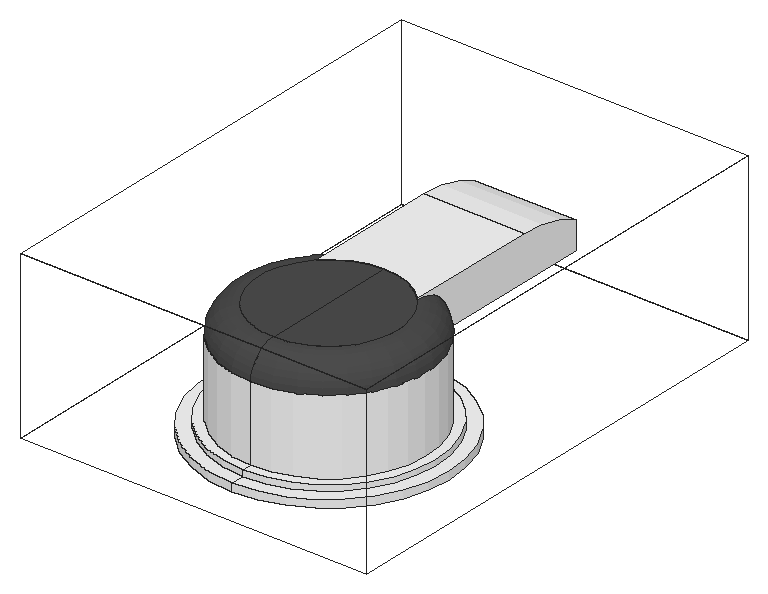
Revit family "Rax 200", category Lighting Fixtures, host Ceiling, Revit 2014
Parameters (values of type "Rax 200")
  Wattage = 29 W
  WarrantyGuarantorParts = "n/a"
  WarrantyDurationParts = "n/a"
  WarrantyDescription = "n/a"
  built-in parameter 1150110 = 1 (stored number, unit not read)
  Version = "v.1.0"
  Uniclass2 = "Pr_70_70_49_43 Light-Emitting Diode (LED) Luminaires"
  Uniclass 1.4 = "JY73"
  URL = "http://riegens.co.uk/rax-200"
  Transformer Length = 230 mm
  Transformer = Riegens_Aluminum_powder coated white gloss 25
  TotalWattage = "Max. 10W / 16W / 24W / 32W / 48W"
  built-in parameter 1114217 = 1 (stored number, unit not read)
  Tilt Angle = 90.00°
  built-in parameter 1150109 = 1 (stored number, unit not read)
  built-in parameter 1150134 = 12
  TagNumber = "n/a"
  SustainabilityPerformance = "n/a"
  built-in parameter 1150113 = 1 (stored number, unit not read)
  SupplyCircuitConductorConnections = "n/a"
  Size = "Ø200 mm"
  Shape = "Circle"
  ProductInformation = "http://riegens.co.uk/rax-200"
  PhotometricPerformance = "In accordance with BS EN 13032-1"
  Photometric Web File = "RaX 200 29W LED 4000K Ra80 Refl. Satinmatt.ies"
  PhaseReference = "IEC recommendations"
  Optics = Riegens_Aluminum_Plain mirror
  Optic = "Plain, white or satin-matt reflector"
  NominalVoltage = "220-240V"
  ModelReference = "Rax 200"
  Model = "Rax 200"
  Material = "Galvanized steel, aluminium and flame retardant PC"
  ManufacturersSpecificInformation = "n/a"
  ManufacturerURL = "www.riegens.com"
  Manufacturer = "Riegens A/S"
  built-in parameter 1150105 = 226.16 (stored number, unit not read)
  Lumens = 2842 lm
  LuminaireType = "Recessed Direct, Narrow beam, Asymmetric LED Luminaire"
  LuminairePowerFactor = ">0,9"
  built-in parameter 1150115 = 1 (stored number, unit not read)
  LightSource = "LED 3000K / 4000K"
  LightFixturePlacingType = "Ceiling"
  LightFixtureMountingType = "Recessed"
  built-in parameter 1150137 = (empty or 0)
  built-in parameter 1150139 = (empty or 0)
  LampType = "LED"
  LampRating = "9W / 15W / 21W / 29W / 45W"
  LampColourRenderingIndex = "Ra>80 / Ra>90"
  built-in parameter 1150112 = 1 (stored number, unit not read)
  built-in parameter 1150114 = 1 (stored number, unit not read)
  InternalFuse = "Only required in emergency versions"
  InsulationStandardClass = "Class 1"
  built-in parameter 1150132 = (empty or 0)
  built-in parameter 1150102 = (empty or 0)
  built-in parameter 1150107 = 4000 (stored number, unit not read)
  built-in parameter 1150138 = (empty or 0)
  built-in parameter 1150106 = 2.2616 (stored number, unit not read)
  IfcExportType = "NOTDEFINED'"
  IfcExportAs = "IfcLightFixtureType'"
  IP_Code = "IP20"
  Housing = Riegens_Aluminum_powder coated white gloss 25
  Height 1 = 100 mm
  HasProtectiveEarth = "TRUE"
  Grade = "n/a"
  Frame = Riegens_Aluminum_powder coated white gloss 25
  Finish = "Powder coated"
  Features = "n/a"
  built-in parameter 1150104 = 9.1045 (stored number, unit not read)
  Documentation = "See URL hyperlink"
  DocumentReference = "See URL hyperlink"
  Dimming Lamp Color Temperature Shift = <None>
  Diameter 1 = 223.037 mm
  Description = "70-80-35 General Lighting Systems"
  ControlGearPosition = "Integrated "
  Constituents = "n/a"
  Colour = "White, black, galvanized steel"
  Color Filter = 16777215
  CodePerformance = "n/a"
  Clearance Zones = yes
  CCSTopnode = "L"
  CCSClassName = "Belysningsarmatur"
  CCSClassCode = "UAC"
  BarCode = "n/a"
  BallastsCELMAEnergyEfficiencyIndex = "Class A1/A2"
  built-in parameter 1114218 = 1 (stored number, unit not read)
  BSAB 96 = "SNB.2"
  BIMObjectName = "Rax 200.rfa"
  Author = "3dbyggeri"
  built-in parameter 1150133 = 10 (stored number, unit not read)
  AssetType = "Moveable/Fixed"
  AssetIdentifier = "n/a"
  ArticleNumber = "See URL hyperlink"
  Apparent Load = 240 VA
  AccessibilityPerformance = "n/a"
Reference planes
  plane 1 "Light Source Axis (F/B)": y = 0
  plane 2: z = 0
  plane 3 "Light Source Axis (L/R)": x = 0
  plane 4 "Ceiling": z = 0
  plane 5 "Light Source Elevation": z = -7
  plane 6: z = -7
  plane 7: z = 5.2
  plane 8: z = 100
  plane 9: y = 227
  plane 10: z = -5
  plane 11: z = -3
  plane 12: x = -46.5
  plane 13: x = 46.5
  plane 14: z = 60
  plane 15: y = -85
  plane 16: y = -99.001
  plane 17: y = -111.518
Forms (mm)
  Revolve 1, solid, material "Riegens_Aluminum_powder coated white gloss 25" <- "Housing"
    sketch origin (0, 0, -4000) x (0, 1, 0) y (0, 0, 1)
      loop
        line (-90, 4073.998) -> (-90, 4005.2) -> (-85, 4005.2) -> (-10.314, 4033.869) -> (0, 4033.869) -> (0, 4073.998) -> (-90, 4073.998)
      axis (0, 4073.998) -> (0, 4005.2)
    angle from 0 to 360
  Extrusion 2, solid, material "Riegens_Aluminum_powder coated white gloss 25" <- "Transformer"
    sketch origin (0, 0, -4000) x (0, 1, 0) y (0, 0, 1)
      loop
        line (43.962, 4060) -> (227, 4060) -> (227, 4085)
        arc (227, 4085) -> (198.266, 4096.191) -> (167.666, 4099.998) r 124.867
        line (167.666, 4099.998) -> (43.962, 4099.998) -> (43.962, 4060)
    from -46.5 to 46.5
  Extrusion 3, void
    sketch origin (0, 0, 0) x (0, 1, 0) y (0, 0, 1)
      loop
        line (77.057, 73.998) -> (43.962, 73.998) -> (43.962, 60) -> (77.057, 60) -> (77.057, 73.998)
    from -46.5 to 46.5
  Extrusion 4, void
    sketch origin (0, 0, -7) x (-1, 0, 0) y (0, -1, 0)
      loop
        line (46.5, -43.962) -> (-46.5, -43.962)
        arc (-46.5, -43.962) -> (0, -64.024) -> (46.5, -43.962) r 63.92
    from 67 to 107
  Revolve 5, solid, material "Riegens_Aluminum_powder coated black"
    sketch origin (0, 0, 0) x (0, 1, 0) y (0, 0, 1)
      loop
        line (-90.002, 73.998) -> (0, 73.998) -> (0, 100) -> (-64, 100)
        arc (-64, 100) -> (-82.386, 92.384) -> (-90.002, 73.998) r 26.002
      axis (0, 100) -> (0, 73.998)
    angle from 0 to 360
  Extrusion 6, solid, material "Clearance Zones", visible <- "Clearance Zones"
    sketch origin (0, 0, 0) x (1, 0, 0) y (0, 1, 0)
      loop
        line (-160, -155.938) -> (160, -155.938) -> (160, 284.062) -> (-160, 284.062) -> (-160, -155.938)
    from 0 to 152.96
  Revolve 7, solid, material "Riegens_Aluminum_Plain mirror" <- "Optics"
    sketch origin (0, 0, 0) x (0, 1, 0) y (0, 0, 1)
      loop
        line (-85, 5.2) -> (-82.003, 5.2) -> (-10, 32.839) -> (0, 32.839) -> (0, 33.869) -> (-10.314, 33.869) -> (-85, 5.2)
      axis (0, 33.869) -> (0, 5.2)
    angle from 0 to 360
  Revolve 8, solid, material "Riegens_Aluminiuml_Powder coated white RAL901025"
    sketch origin (0, 0, 0) x (0, 1, 0) y (0, 0, 1)
      loop
        line (-82.003, 5.2) -> (-99.001, 5.2) -> (-99.001, 0) -> (-111.518, 0) -> (-111.518, -7) -> (-82.003, -7) -> (-82.003, 5.2)
      axis (0, 5.2) -> (0, -7)
    angle from 0 to 360
Cuts and joins
  Extrusion 3, Extrusion 4 cuts Extrusion 2
Lines and regions (mm)
  Opening 1
    outline origin (0, 0, 0) x (1, 0, 0) y (0, 1, 0)
      loop
        circle (0, 0) r 99.001
  model lines
    curve 1: line (-46.5, 167.666, 100) -> (46.5, 167.666, 100)
Dimensions and locks
  equal spacing: host sketch curve, plane 3 "Light Source Axis (L/R)", host sketch curve
  equal spacing: host sketch curve, plane 1 "Light Source Axis (F/B)", host sketch curve
  host sketch curve to host sketch curve = 4000 mm  (x2)
  locked: plane 4 "Ceiling" to host ceiling at 0
  "Height 1": plane 8 to level
  plane 7 to level = 5.2 mm
  plane 5 "Light Source Elevation" to level = 7 mm
  equal spacing: plane 12, plane 3 "Light Source Axis (L/R)", plane 13
  locked: plane 12 to plane 13 at 93
  plane 8 to plane 14 = 40 mm
  aligned and locked: curve 1 to Extrusion 3
  aligned and locked: Extrusion 3 to curve 1
Automatic sketch dimensions
  Extrusion 2 sketch curve to plane 9 = 0 mm
  plane 5 "Light Source Elevation" to Extrusion 2 sketch curve = 17.869 mm
  Opening 1 sketch curve to plane 3 "Light Source Axis (L/R)" = 0 mm
  plane 1 "Light Source Axis (F/B)" to Opening 1 sketch curve = 0 mm
  Revolve 5 sketch curve to plane 8 = 0 mm  (x2)
  Revolve 5 sketch curve to plane 1 "Light Source Axis (F/B)" = 0 mm  (x2)
  Extrusion 4 sketch curve to plane 13 = 0 mm
  Extrusion 4 sketch curve to plane 3 "Light Source Axis (L/R)" = 0 mm
  Extrusion 4 sketch curve to plane 1 "Light Source Axis (F/B)" = 0.104 mm
  Opening 1 sketch curve to Opening 1 sketch curve = 99.001 mm
  plane 1 "Light Source Axis (F/B)" to Revolve 5 sketch curve = 64 mm
  Extrusion 2 sketch curve to plane 1 "Light Source Axis (F/B)" = 43.962 mm
  Extrusion 3 sketch curve to plane 1 "Light Source Axis (F/B)" = 43.962 mm
  Extrusion 3 sketch curve to Extrusion 3 sketch curve = 33.094 mm
  Extrusion 4 sketch curve to plane 1 "Light Source Axis (F/B)" = 43.962 mm
  Extrusion 2 sketch curve to plane 8 = 40 mm
  Extrusion 2 sketch curve to plane 8 = 15 mm
  Extrusion 3 sketch curve to plane 8 = 40 mm
  Extrusion 3 sketch curve to Extrusion 3 sketch curve = 13.998 mm
  Revolve 5 sketch curve to plane 8 = 26.002 mm
  Revolve 5 sketch curve to Revolve 5 sketch curve = 0 mm
  Extrusion 2 sketch curve to plane 8 = 0.002 mm
  curve 1 to plane 9 = 59.334 mm
  plane 12 to Extrusion 6 sketch curve = 113.5 mm
  plane 13 to Extrusion 6 sketch curve = 113.5 mm
  plane 1 "Light Source Axis (F/B)" to Extrusion 6 sketch curve = 155.938 mm
  plane 9 to Extrusion 6 sketch curve = 57.062 mm
  Revolve 1 sketch curve to plane 7 = 0 mm
  Revolve 1 sketch curve to plane 15 = 0 mm
  Revolve 1 sketch curve to plane 1 "Light Source Axis (F/B)" = 0 mm  (x2)
  Revolve 1 sketch curve to plane 5 "Light Source Elevation" = 40.869 mm
  Revolve 1 sketch curve to plane 15 = 5 mm
  plane 14 to Revolve 1 sketch curve = 13.998 mm
  Revolve 1 sketch curve to Revolve 1 sketch curve = 10.314 mm
  Revolve 1 sketch curve to plane 14 = 26.131 mm
  Revolve 1 sketch curve to Revolve 1 sketch curve = 0.008 mm
  Revolve 7 sketch curve to plane 7 = 0 mm
  Revolve 7 sketch curve to plane 15 = 0 mm
  Revolve 7 sketch curve to plane 1 "Light Source Axis (F/B)" = 0 mm  (x2)
  Revolve 7 sketch curve to Revolve 7 sketch curve = 2.997 mm
  Revolve 7 sketch curve to Revolve 7 sketch curve = 10.314 mm
  Revolve 7 sketch curve to Revolve 7 sketch curve = 0.314 mm
  Revolve 7 sketch curve to plane 14 = 27.161 mm
  Revolve 7 sketch curve to Revolve 7 sketch curve = 1.03 mm
  Revolve 7 sketch curve to Revolve 7 sketch curve = 12.664 mm
  Revolve 7 sketch curve to Revolve 7 sketch curve = 7.467 mm
  plane 5 "Light Source Elevation" to Revolve 8 sketch curve = 0 mm
  Revolve 8 sketch curve to plane 17 = 0 mm
  Revolve 8 sketch curve to plane 7 = 0 mm
  Revolve 8 sketch curve to plane 16 = 0 mm
  Revolve 8 sketch curve to plane 1 "Light Source Axis (F/B)" = 0 mm
  Revolve 8 sketch curve to level = 0 mm
  plane 15 to Revolve 8 sketch curve = 2.997 mm
  plane 5 "Light Source Elevation" to Revolve 8 sketch curve = 15.465 mm
  Revolve 8 sketch curve to plane 14 = 4.8 mm
Connectors
  electrical at (0, 227, 72.5)
    settings: on Extrusion 2, index 1, voltage 0 V, apparent load 0 VA, apparent load phase1 0 VA, apparent load phase2 0 VA, apparent load phase3 0 VA, power factor 1, load classification "Other", number of poles 1, system type 31, power factor state 1, is connector primary yes, connector utility no, sub classification motor no, connector description ""
